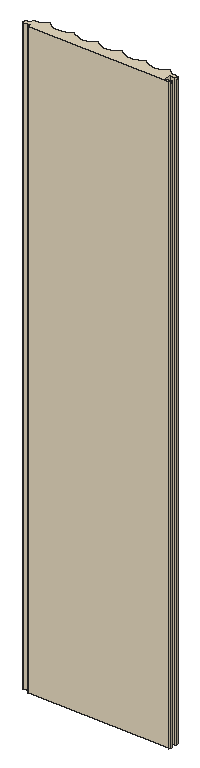
Revit family "HOB_GEN_Symphony_Tempo_7", category Generic Models, Revit 2026
Family settings
  Can host rebar = No
  Round Connector Dimension = Use Diameter
  Part Type = Normal
  Work Plane-Based = No
  Always vertical = Yes
  Cut with Voids When Loaded = No
  Maintain Annotation Orientation = No
  Shared = Yes
  Room Calculation Point = No
Parameters
  SectionArea = 0.002 m²  # constant formula
  Length [instance] = 557.974 mm
  Default Elevation = 0 mm
  BambooVolume [instance] = Length * SectionArea  # 0.00111595 m³
  Bamboo = Bamboo_horizontalGrain
Reference planes
  plane 1 "Center (Front/Back)": y = 0
  plane 2: z = 0
  plane 3 "Center (Left/Right)": x = 0
  plane 4: y = 15
  plane 5: z = 557.974
  plane 6: x = 140
Forms (mm)
  Extrusion 1, solid, material "Bamboo_horizontalGrain" <- "Bamboo"
    sketch origin (7, 0.5, 0) x (1, 0, 0) y (0, 1, 0)
      loop
        arc (-1.057, 9.459) -> (-1.727, 9.147) -> (-2, 8.461) r 1
        line (-2, 8.461) -> (-2, 6.35) -> (-6, 6.35)
        arc (-6, 6.35) -> (-6.707, 6.057) -> (-7, 5.35) r 1
        line (-7, 5.35) -> (-7, 3.65)
        arc (-7, 3.65) -> (-6.707, 2.943) -> (-6, 2.65) r 1
        line (-6, 2.65) -> (0, 2.65) -> (0, 0.5)
        arc (0, 0.5) -> (0.293, -0.207) -> (1, -0.5) r 1
        line (1, -0.5) -> (131.953, -0.5)
        arc (131.953, -0.5) -> (132.66, -0.207) -> (132.953, 0.5) r 1
        line (132.953, 0.5) -> (132.953, 1.4)
        arc (132.953, 1.4) -> (132.66, 2.107) -> (131.953, 2.4) r 1
        line (131.953, 2.4) -> (127.453, 2.4) -> (127.453, 6.6) -> (131.953, 6.6)
        arc (131.953, 6.6) -> (132.66, 6.893) -> (132.953, 7.6) r 1
        line (132.953, 7.6) -> (132.953, 8.461)
        arc (132.953, 8.461) -> (132.68, 9.147) -> (132.01, 9.459) r 1
        arc (132.01, 9.459) -> (126.479, 10.748) -> (121.707, 13.828) r 16.583
        arc (121.707, 13.828) -> (110.461, 9.432) -> (99.215, 13.829) r 16.583
        arc (99.215, 13.829) -> (87.969, 9.432) -> (76.723, 13.828) r 16.583
        arc (76.723, 13.828) -> (65.477, 9.432) -> (54.23, 13.828) r 16.583
        arc (54.23, 13.828) -> (42.984, 9.432) -> (31.738, 13.828) r 16.583
        arc (31.738, 13.828) -> (20.492, 9.432) -> (9.246, 13.828) r 16.583
        arc (9.246, 13.828) -> (4.474, 10.748) -> (-1.057, 9.459) r 16.583
    from 0 to 557.974
Dimensions and locks
  plane 1 "Center (Front/Back)" to plane 4 = 15 mm
  "Length": plane 5 to plane 2
  plane 3 "Center (Left/Right)" to plane 6 = 140 mm
  aligned and locked: level to plane 2
  aligned and locked: plane 5 to Extrusion 1
Automatic sketch dimensions
  Extrusion 1 sketch curve to plane 3 "Center (Left/Right)" = 0 mm
  plane 1 "Center (Front/Back)" to Extrusion 1 sketch curve = 0 mm
  plane 3 "Center (Left/Right)" to Extrusion 1 sketch curve = 1 mm  (x2)
  plane 3 "Center (Left/Right)" to Extrusion 1 sketch curve = 5 mm
  Extrusion 1 sketch curve to Extrusion 1 sketch curve = 4 mm
  Extrusion 1 sketch curve to Extrusion 1 sketch curve = 1 mm  (x3)
  Extrusion 1 sketch curve to Extrusion 1 sketch curve = 2 mm
  Extrusion 1 sketch curve to plane 1 "Center (Front/Back)" = 2.9 mm
  Extrusion 1 sketch curve to plane 1 "Center (Front/Back)" = 1.9 mm
  Extrusion 1 sketch curve to Extrusion 1 sketch curve = 0 mm  (x4)
  Extrusion 1 sketch curve to Extrusion 1 sketch curve = 2.15 mm
  Extrusion 1 sketch curve to Extrusion 1 sketch curve = 1.7 mm
  Extrusion 1 sketch curve to Extrusion 1 sketch curve = 4.2 mm
  Extrusion 1 sketch curve to Extrusion 1 sketch curve = 0.861 mm
  Extrusion 1 sketch curve to Extrusion 1 sketch curve = 2.111 mm
  Extrusion 1 sketch curve to Extrusion 1 sketch curve = 4.5 mm  (x2)
  Extrusion 1 sketch curve to plane 6 = 0.047 mm
  plane 4 to Extrusion 1 sketch curve = 11.515 mm  (x7)
  Extrusion 1 sketch curve to Extrusion 1 sketch curve = 22.492 mm  (x5)
  Extrusion 1 sketch curve to plane 6 = 5.547 mm
  Extrusion 1 sketch curve to plane 4 = 0.672 mm  (x4)
  Extrusion 1 sketch curve to plane 4 = 0.671 mm
